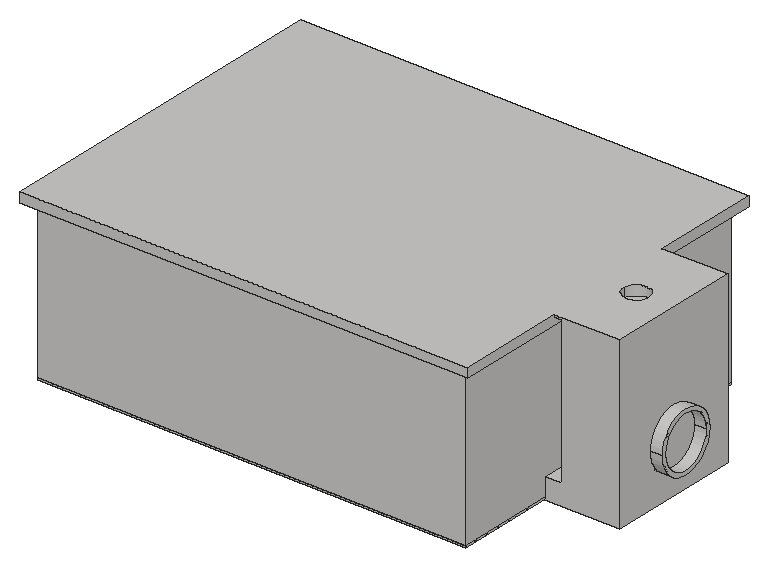
Revit family "Interceptor-Grease_Low-Profile-Zurn-GT2701", category Plumbing Fixtures, Revit 2022
Family settings
  Round Connector Dimension = Use Radius
  Part Type = Normal
  OmniClass Number = 23.45.30.00
  OmniClass Title = Washing and Waste Disposal Equipment
  Work Plane-Based = No
  Always vertical = Yes
  Cut with Voids When Loaded = No
  Maintain Annotation Orientation = No
  Shared = No
  Room Calculation Point = No
Parameters (values of type "GT2701-20 (3 Inch 20 GPM)")
  Waste Connection = 1 = 1  # yes
  WFU = 1  # constant formula
  Vent Connection = 1 = 0  # no
  URL = "www.zurn.com"
  Product data url = "https://www.bimobject.com/en-us/zurnindustries/product/zurn-gt2701"
  Product Page URL = "https://www.zurn.com/products/drainage-interceptors/light-commercial/gt2701"
  Product Documentation Link = "https://files.zurn.com/spec-sheets/gt2701.pdf"
  Pipe Size "A" (outer) = 3.500"
  Pipe Size "A" (Inner) = 3.068"
  Modified Date = "09/04/25"  # constant formula
  Model = "GT2701-20"
  Manufacurer Brand = "Zurn"  # constant formula
  Manufacturer = "Zurn Water, LLC"  # constant formula
  Main Material = Fabricated Steel - Zurn- Acid resistant Coated
  Pipe Size "A" (Nominal) = 3.000"
  HWFU = 0  # constant formula
  HW Connection = 1 = 0  # no
  G = 20.750"
  F = 32.375"
  Description = "LOW PROFILE GREASE INTERCEPTOR"  # constant formula
  Default Elevation = 17.000"
  Date Created = "01/12/18"  # constant formula
  D/E = 3.125"
  Connector Radius = [Pipe Size "A" (Nominal)] / 2  # 1.500"
  CWFU = 0  # constant formula
  CW Connection = 1 = 0  # no
  C = 10.000"
  Assembly Code = "D2090300"
  Approx. Weight (Lbs) = 102.000"
Types (4): name | Pipe Size "A" (outer) | Pipe Size "A" (Inner) | Model | Pipe Size "A" (Nominal) | G | F | D/E | Connector Radius | C | Approx. Weight (Lbs)
  (no name) | 3.500" | 3.068" | "GT2701-20" | 3.000" | 20.750" | 32.375" | 3.125" | 1.500" | 10.000" | 102.000"
  GT2701-20 (3 Inch 20 GPM) | 3.500" | 3.068" | "GT2701-20" | 3.000" | 20.750" | 32.375" | 3.125" | 1.500" | 10.000" | 102.000"
  GT2701-35 (4 Inch 35 GPM) | 4.500" | 4.026" | "GT2701-35" | 4.000" | 29.000" | 43.500" | 3.313" | 2.000" | 10.750" | 172.000"
  GT2701-50 (4 Inch 50 GPM) | 4.500" | 4.026" | "GT2701-50" | 4.000" | 29.000" | 49.875" | 10.000" | 2.000" | 16.000" | 210.000"
Reference planes (in)
  plane 1 "Center (Front/Back)": y = 0
  plane 2: z = 0
  plane 3 "Center (Left/Right)": x = 0
  plane 4: y = 10.375
  plane 5: y = -10.375
  plane 6: x = 16.1875
  plane 7: x = -16.1875
  plane 8: z = 9.4375
  plane 9 "top": z = 10
  plane 10: x = -14.3825
  plane 11: x = 15.4425
  plane 12: y = 9.812
  plane 13: y = -9.812
  plane 14: x = 11.0155
  plane 15: y = 9.712
  plane 16: x = -14.2825
  plane 17: y = -9.712
  plane 18: x = 10.9155
  plane 19 "outlet": z = 3.125
  plane 20: x = 15.343
  plane 21: z = 9.9
  plane 22: y = 4
  plane 23: y = -4
  plane 24: y = 3.9
  plane 25: y = -3.9
  plane 26: x = 12.0155
  plane 27: z = 1.218
  plane 28: x = -14.9455
  plane 29: x = 11.5785
  plane 30: x = 13.2545
  plane 31: y = 1.75
  plane 32: y = -1.75
  plane 33: z = 4.875
  plane 34: z = 1.375
  plane 35: z = 0.1
Forms (in)
  Extrusion 1, solid, material "Fabricated Steel - Zurn- Acid resistant Coated" <- "Main Material", detail levels fine
    sketch origin (53.46104, 0, 0) x (1, 0, 0) y (0, 1, 0)
      loop
        line (-67.84354, 9.812) -> (-67.84354, -9.812) -> (-42.44554, -9.812) -> (-42.44554, 9.812) -> (-67.84354, 9.812)
      loop
        line (-67.74354, 9.712) -> (-67.74354, -9.712) -> (-42.54554, -9.712) -> (-42.54554, 9.712) -> (-67.74354, 9.712)
    from 0 to 9.4375
  Extrusion 2, solid, material "Fabricated Steel - Zurn- Acid resistant Coated" <- "Main Material", detail levels fine
    sketch origin (53.46104, 0, 0) x (1, 0, 0) y (0, 1, 0)
      loop
        line (-68.40654, 10.375) -> (-68.40654, -10.375) -> (-41.88254, -10.375) -> (-41.88254, 10.375) -> (-68.40654, 10.375)
    from 9.4375 to 10
  Extrusion 3, solid, material "Fabricated Steel - Zurn- Acid resistant Coated" <- "Main Material", detail levels fine
    sketch origin (0, 0, 0) x (0, 1, 0) y (0, 0, 1)
      loop
        circle (0, 3.125) r 1.75
      loop
        circle (0, 3.125) r 1.534
    from -16.1875 to 16.1875
  Extrusion 4, solid, material "Fabricated Steel - Zurn- Acid resistant Coated" <- "Main Material", detail levels fine
    sketch origin (53.46104, 0, 0) x (1, 0, 0) y (0, 1, 0)
      loop
        line (-67.84354, 9.812) -> (-67.84354, -9.812) -> (-42.44554, -9.812) -> (-42.44554, 9.812) -> (-67.84354, 9.812)
    from 0 to 0.1
  Extrusion 5, solid, material "Fabricated Steel - Zurn- Acid resistant Coated" <- "Main Material", detail levels fine
    sketch origin (53.46104, 0, 0) x (1, 0, 0) y (0, 1, 0)
      loop
        line (-42.44554, 4) -> (-42.44554, -4) -> (-38.01854, -4) -> (-38.01854, 4) -> (-42.44554, 4)
    from 0 to 10
  Extrusion 6, void
    sketch origin (53.46104, 0, 0) x (1, 0, 0) y (0, 0, 1)
      loop
        line (-41.88254, 9.9) -> (-41.88254, 9.4375) -> (-42.44554, 9.4375) -> (-42.44554, 1.218) -> (-41.44554, 1.218) -> (-41.44554, 9.9) -> (-41.88254, 9.9)
    from -10.375 to 10.375
  Extrusion 7, void
    sketch origin (53.46104, 0, 0) x (1, 0, 0) y (0, 1, 0)
      loop
        circle (-40.20654, 0) r 0.75
    from 9.4375 to 10
Cuts and joins
  Extrusion 6 cuts Extrusion 1
  Extrusion 6, Extrusion 7 cuts Extrusion 2
  Extrusion 6, Extrusion 7 cuts Extrusion 5
  joined: Extrusion 2, Extrusion 5
  Extrusion 6, Extrusion 7 cuts Extrusion 3
Lines and regions (in)
  Masking region 1, detail levels fine
    outline origin (0, 0, 10) x (-1, 0, 0) y (0, -1, 0)
      loop
        line (14.9455, -10.375) -> (14.9455, -1.75) -> (16.1875, -1.75) -> (16.1875, 1.75) -> (14.9455, 1.75) -> (14.9455, 10.375) -> (-11.5785, 10.375) -> (-11.5785, 4) -> (-15.4425, 4) -> (-15.4425, 1.75) -> (-16.1875, 1.75) -> (-16.1875, -1.75) -> (-15.4425, -1.75) -> (-15.4425, -4) -> (-11.5785, -4) -> (-11.5785, -10.375) -> (14.9455, -10.375)
  model lines, detail levels coarse+medium
    curve 1: line (-16.1875, 0, 3.125) -> (-14.3825, 0, 3.125)
    curve 2: line (16.1875, 0, 3.125) -> (15.4425, 0, 3.125)
    curve 3: line (16.1875, 1.75, 3.125) -> (16.1875, -1.75, 3.125)
    curve 4: line (-16.1875, 1.75, 3.125) -> (-16.1875, -1.75, 3.125)
    curve 5: line (-14.9455, 10.375, 10) -> (11.5785, 10.375, 10)
    curve 6: line (-14.9455, -10.375, 10) -> (-14.9455, 10.375, 10)
    curve 7: line (11.5785, -10.375, 10) -> (-14.9455, -10.375, 10)
    curve 8: line (11.5785, 10.375, 10) -> (11.5785, -10.375, 10)
    curve 9: line (-14.9455, 0, 10) -> (15.4425, 0, 10)
    curve 10: line (-14.3825, 0, 0) -> (-14.3825, 0, 9.4375)
    curve 11: line (15.4425, 0, 0) -> (-14.3825, 0, 0)
    curve 12: line (15.4425, 0, 10) -> (15.4425, 0, 0)
    curve 13: line (16.1875, 0, 4.875) -> (16.1875, 0, 1.375)
    curve 14: line (-16.1875, 0, 4.875) -> (-16.1875, 0, 1.375)
    curve 26: line (11.5785, 4, 10) -> (15.4425, 4, 10)
    curve 27: line (15.4425, -4, 10) -> (11.5785, -4, 10)
    curve 28: line (15.4425, 4, 10) -> (15.4425, -4, 10)
    curve 29: line (-14.9455, 0, 10) -> (-14.9455, 0, 9.4375)
    curve 30: line (-14.9455, 0, 9.4375) -> (-14.3825, 0, 9.4375)
  symbolic lines, detail levels coarse+medium
    curve 15: line (-14.3825, 0, 10) -> (15.4425, 0, 10)
    curve 16: line (15.4425, 0, 0) -> (-14.3825, 0, 0)
    curve 17: line (15.4425, 0, 10) -> (15.4425, 0, 0)
    curve 18: line (0, 10.375, 10) -> (0, -10.375, 10)
    curve 19: line (0, 10.375, 0) -> (0, 10.375, 10)
    curve 20: line (0, -10.375, 0) -> (0, 10.375, 0)
    curve 21: line (0, -10.375, 10) -> (0, -10.375, 0)
    curve 22: circle (0, 0, 3.125) r 2.25 normal (1, 0, 0)
    curve 23: line (-14.9455, 0, 10) -> (11.5785, 0, 10)
    curve 24: line (-14.9455, 0, 9.4375) -> (-14.9455, 0, 10)
    curve 25: line (-14.3825, 0, 9.4375) -> (-14.9455, 0, 9.4375)
    curve 32: line (15.4425, 0, 3.125) -> (16.1875, 0, 3.125)
    curve 33: line (-16.1875, 0, 3.125) -> (-14.3825, 0, 3.125)
    curve 34: line (-16.1875, 0, 4.875) -> (-16.1875, 0, 1.375)
    curve 36: line (-14.9455, 10.375, 10) -> (11.5785, 10.375, 10)
    curve 37: line (-14.9455, -10.375, 10) -> (-14.9455, 10.375, 10)
    curve 38: line (11.5785, -10.375, 10) -> (-14.9455, -10.375, 10)
    curve 39: line (11.5785, 10.375, 10) -> (11.5785, -10.375, 10)
    curve 43: line (16.1875, 1.75, 10) -> (16.1875, -1.75, 10)
    curve 44: line (15.4425, 0, 10) -> (16.1875, 0, 10)
    curve 45: line (-16.1875, 1.75, 10) -> (-16.1875, -1.75, 10)
    curve 46: line (-16.1875, 0, 10) -> (-14.9455, 0, 10)
  symbolic lines
    curve 31: line (-14.3825, 0, 9.4375) -> (-14.3825, 0, 0)
    curve 35: line (16.1875, 0, 4.875) -> (16.1875, 0, 1.375)
    curve 40: line (11.5785, 4, 10) -> (15.4425, 4, 10)
    curve 41: line (15.4425, -4, 10) -> (11.5785, -4, 10)
    curve 42: line (15.4425, 4, 10) -> (15.4425, -4, 10)
Dimensions and locks (in)
  equal spacing: plane 7, plane 3 "Center (Left/Right)", plane 6
  "F": plane 7 to plane 6
  equal spacing: plane 5, plane 1 "Center (Front/Back)", plane 4
  "G": plane 5 to plane 4
  "C": plane 9 "top" to level
  locked: plane 7 to plane 10 at 1.805
  plane 14 to plane 6 = 5.172"
  locked: plane 11 to plane 6 at 0.745
  "D/E": plane 19 "outlet" to level
  locked: plane 5 to plane 13 at 0.563
  locked: plane 13 to plane 17 at 0.1
  locked: plane 12 to plane 4 at 0.563
  locked: plane 15 to plane 12 at 0.1
  equal spacing: plane 23, plane 1 "Center (Front/Back)", plane 22, locked at 4 each
  locked: plane 23 to plane 22 at 8
  locked: plane 24 to plane 22 at 0.1
  locked: plane 23 to plane 25 at 0.1
  locked: plane 18 to plane 14 at 0.1
  locked: plane 10 to plane 16 at 0.1
  locked: plane 27 to level at 1.218
  locked: plane 7 to plane 28 at 1.242
  locked: plane 14 to plane 29 at 0.563
  plane 14 to plane 26 = 1.000"
  locked: plane 21 to plane 9 "top" at 0.1
  locked: plane 8 to plane 9 "top" at 0.5625
  locked: plane 30 to plane 11 at 2.188
  equal spacing: plane 32, plane 1 "Center (Front/Back)", plane 31
  "Pipe Size "A" (outer)": plane 31 to plane 32
  equal spacing: plane 33, plane 19 "outlet", plane 34
  "Pipe Size "A" (outer)": plane 33 to plane 34
  locked: plane 35 to level at 0.1
  "Pipe Size "A" (outer)": diameter of Extrusion 3 sketch curve
  diameter of Extrusion 7 sketch curve = 1.500"
  "Pipe Size "A" (Inner)": diameter of Extrusion 3 sketch curve
  aligned and locked: plane 2 to level
  aligned and locked: plane 12 to Extrusion 1 sketch curve
  aligned and locked: plane 10 to Extrusion 1 sketch curve
  aligned and locked: plane 15 to Extrusion 1 sketch curve
  aligned and locked: plane 16 to Extrusion 1 sketch curve
  aligned and locked: Extrusion 1 sketch curve to plane 13
  aligned and locked: Extrusion 1 sketch curve to plane 14
  aligned and locked: Extrusion 1 sketch curve to plane 18
  aligned and locked: plane 4 to Extrusion 2 sketch curve
  aligned and locked: Extrusion 2 sketch curve to plane 5
  aligned and locked: Extrusion 2 to plane 8
  aligned and locked: plane 9 "top" to Extrusion 2
  aligned and locked: plane 1 "Center (Front/Back)" to Extrusion 3 sketch curve
  aligned and locked: plane 12 to Extrusion 4 sketch curve
  aligned and locked: plane 10 to Extrusion 4 sketch curve
  aligned and locked: Extrusion 4 sketch curve to plane 13
  aligned and locked: Extrusion 4 sketch curve to plane 14
  aligned and locked: Extrusion 3 to plane 7
  aligned and locked: plane 22 to Extrusion 5 sketch curve
  aligned and locked: Extrusion 5 sketch curve to plane 11
  aligned and locked: Extrusion 5 sketch curve to plane 23
  aligned and locked: plane 14 to Extrusion 5 sketch curve
  aligned and locked: plane 14 to Extrusion 6 sketch curve
  aligned and locked: Extrusion 6 sketch curve to plane 26
  aligned and locked: plane 27 to Extrusion 6 sketch curve
  aligned and locked: plane 28 to Extrusion 2 sketch curve
  aligned and locked: Extrusion 2 sketch curve to plane 29
  aligned and locked: Extrusion 6 sketch curve to plane 21
  aligned and locked: plane 8 to Extrusion 6 sketch curve
  aligned and locked: Extrusion 6 sketch curve to plane 29
  aligned and locked: plane 6 to Extrusion 3
  aligned and locked: plane 8 to Extrusion 1
  aligned and locked: Extrusion 1 to level
  aligned and locked: plane 9 "top" to Extrusion 5
  aligned and locked: Extrusion 5 to level
  aligned and locked: plane 30 to Extrusion 7 sketch curve
  aligned and locked: plane 1 "Center (Front/Back)" to Extrusion 7 sketch curve
  aligned and locked: Extrusion 2 to Extrusion 7
  aligned and locked: Extrusion 7 to Extrusion 2
  aligned and locked: Extrusion 5 to Extrusion 7
  aligned and locked: Extrusion 6 to cut or joined group of Extrusion 2, Extrusion 5, Extrusion 6, Extrusion 7
  aligned and locked: cut or joined group of Extrusion 2, Extrusion 5, Extrusion 6, Extrusion 7 to Extrusion 6
  aligned and locked: plane 7 to curve 1
  aligned and locked: plane 10 to curve 1
  aligned and locked: plane 1 "Center (Front/Back)" to curve 1
  aligned and locked: plane 6 to curve 2
  aligned and locked: curve 2 to plane 1 "Center (Front/Back)"
  aligned and locked: plane 31 to curve 3
  aligned and locked: plane 32 to curve 3
  aligned and locked: curve 3 to plane 6
  aligned and locked: plane 31 to curve 4
  aligned and locked: plane 32 to curve 4
  aligned and locked: curve 4 to plane 7
  aligned and locked: plane 4 to curve 5
  aligned and locked: curve 9 to cut or joined group of Extrusion 2, Extrusion 5, Extrusion 6, Extrusion 7
  aligned and locked: curve 12 to plane 11
  aligned and locked: plane 33 to curve 13
  aligned and locked: plane 34 to curve 13
  aligned and locked: curve 13 to plane 6
  aligned and locked: plane 33 to curve 14
  aligned and locked: plane 34 to curve 14
  aligned and locked: curve 14 to plane 7
  aligned and locked: curve 15 to cut or joined group of Extrusion 2, Extrusion 5, Extrusion 6, Extrusion 7
  aligned and locked: level to curve 16
  aligned and locked: curve 18 to plane 9 "top"
  aligned and locked: level to curve 20
  aligned and locked: plane 4 to curve 19
  aligned and locked: curve 21 to plane 5
  aligned and locked: curve 23 to cut or joined group of Extrusion 2, Extrusion 5, Extrusion 6, Extrusion 7
  aligned and locked: plane 8 to curve 25
  aligned and locked: curve 27 to plane 23
  aligned and locked: plane 22 to curve 26
  aligned and locked: cut or joined group of Extrusion 2, Extrusion 5, Extrusion 6, Extrusion 7 to curve 29
  aligned and locked: curve 29 to plane 28
  aligned and locked: plane 28 to curve 30
  aligned and locked: plane 10 to curve 30
  aligned and locked: curve 30 to plane 8
  aligned and locked: plane 11 to curve 32
  aligned and locked: curve 32 to plane 19 "outlet"
  aligned and locked: plane 10 to curve 33
  aligned and locked: curve 33 to plane 19 "outlet"
  aligned and locked: plane 33 to curve 34
  aligned and locked: plane 34 to curve 34
  aligned and locked: curve 34 to plane 7
  aligned and locked: plane 33 to curve 35
  aligned and locked: plane 34 to curve 35
  aligned and locked: curve 35 to plane 6
  aligned and locked: curve 38 to plane 5
  aligned and locked: plane 28 to curve 37
  aligned and locked: curve 39 to plane 29
  aligned and locked: plane 22 to curve 40
  aligned and locked: plane 29 to curve 40
  aligned and locked: curve 42 to plane 11
  aligned and locked: plane 31 to curve 43
  aligned and locked: plane 32 to curve 43
  aligned and locked: plane 11 to curve 44
  aligned and locked: plane 6 to curve 44
  aligned and locked: plane 1 "Center (Front/Back)" to curve 44
  aligned and locked: curve 43 to plane 6
  aligned and locked: plane 28 to curve 46
  aligned and locked: plane 7 to curve 46
  aligned and locked: plane 1 "Center (Front/Back)" to curve 46
  aligned and locked: plane 31 to curve 45
  aligned and locked: plane 32 to curve 45
  aligned and locked: curve 45 to plane 7
  aligned and locked: Masking region 1 sketch curve to plane 7
  aligned and locked: Masking region 1 sketch curve to plane 31  (x2)
  aligned and locked: Masking region 1 sketch curve to plane 32  (x2)
  aligned and locked: Masking region 1 sketch curve to plane 28
  aligned and locked: Masking region 1 sketch curve to plane 4
  aligned and locked: plane 29 to Masking region 1 sketch curve  (x2)
  aligned and locked: Masking region 1 sketch curve to plane 22
  aligned and locked: plane 11 to Masking region 1 sketch curve  (x2)
  aligned and locked: plane 6 to Masking region 1 sketch curve
  aligned and locked: plane 23 to Masking region 1 sketch curve
  aligned and locked: plane 5 to Masking region 1 sketch curve
  aligned and locked: plane 35 to Extrusion 4
Automatic sketch dimensions
  Extrusion 1 sketch curve to plane 17 = 0.000"
  Extrusion 3 sketch curve to Extrusion 3 sketch curve = 0.000"  (x2)
  Extrusion 3 sketch curve to plane 19 "outlet" = 0.000"
  curve 22 to plane 1 "Center (Front/Back)" = 0.000"
  curve 22 to plane 19 "outlet" = 0.000"
  Masking region 1 sketch curve to plane 28 = 0.000"
  curve 2 to curve 2 = 0.745"
  curve 15 to plane 9 "top" = 0.000"
  curve 15 to plane 10 = 0.000"
  curve 23 to plane 29 = 0.000"
  radius of curve 22 = 2.250"
Connectors (in)
  piping at (16.1875, 0, 3.125), diameter 3, driven by "Connector Radius", driven by "Waste Connection", driven by "Waste Connection"
    settings: on cut or joined group of Extrusion 3, Extrusion 6, Extrusion 7, index 1, connector inside diameter 24", connector length 0.000", flow factor 0, pipe flow 0 GPM, pressure drop 0.00 psi, fitting loss kfactor 0, connector angle 0.00°, fixture units 0, engagement length 0.000", angle of deflection 0.00°, flow configuration 0, flow direction 2, fitting loss method 0, system type 16, joint type 0, gender type 0, connector reference index -1, connector utility 1, adjustable connector yes, is connector primary yes, connector description "Sanitary Outlet"
  piping at (-16.1875, 0, 3.125), diameter 3, driven by "Connector Radius", driven by "Waste Connection", driven by "Waste Connection"
    settings: on cut or joined group of Extrusion 3, Extrusion 6, Extrusion 7, index 2, connector inside diameter 24", connector length 0.000", flow factor 0, pipe flow 0 GPM, pressure drop 0.00 psi, fitting loss kfactor 0, connector angle 0.00°, fixture units 0, engagement length 0.000", angle of deflection 0.00°, flow configuration 0, flow direction 1, fitting loss method 0, system type 16, joint type 0, gender type 0, connector reference index -1, connector utility 1, adjustable connector yes, is connector primary no, connector description "Sanitary Inlet"
